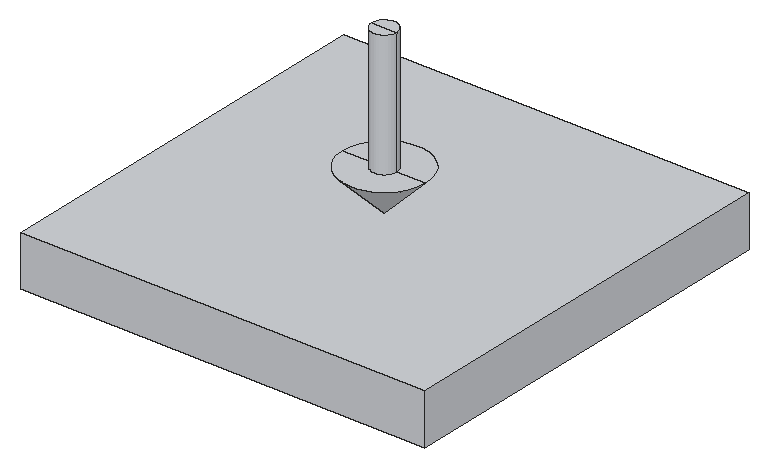
Revit family "NLRS_00_GM_UN_controle object_generiek_ISR", category Generic Models, host Face, Revit 2017
Family settings
  Host = Face
  Can host rebar = No
  Round Connector Dimension = Use Diameter
  Part Type = Normal
  Cut with Voids When Loaded = No
  Shared = No
  Room Calculation Point = No
Parameters (values of type "pijl_gen")
  vraagteken = no
  uitroepteken = no
  pijl = yes
  materiaal [instance] = none
  controle_opmerking [instance] = ""
  controle_door [instance] = ""
  controle_datum [instance] = ""
  berekende_zichtbaarheid_vraagteken [instance] = and(vraagteken, not(afgehandeld))  # no
  berekende_zichtbaarheid_uitroepteken [instance] = and(uitroepteken, not(afgehandeld))  # no
  berekende_zichtbaarheid_pijl [instance] = and(pijl, not(afgehandeld))  # yes
  bedoeld_voor [instance] = ""
  afgehandeld_door [instance] = ""
  afgehandeld [instance] = no
  SmartRevit_Versie = "2017.1"
  Model = "LOD200"
  Description = "pijl"
  Default Elevation = 0 mm
  Datum_Gewijzigd = "20160502"
  Assembly Code = ""
Types (3, lengths in mm): name | vraagteken | uitroepteken | pijl | berekende_zichtbaarheid_vraagteken | berekende_zichtbaarheid_uitroepteken | berekende_zichtbaarheid_pijl | Description
  pijl_gen | no | no | yes | no | no | yes | "pijl"
  vraagteken_gen | yes | no | no | yes | no | no | "vraagteken"
  uitroepteken_gen | no | yes | no | no | yes | no | "uitroepteken"
Reference planes
  plane 1 "Center (Front/Back)": y = 0
  plane 2: z = 0
  plane 3 "Center (Left/Right)": x = 0
  plane 4: z = 1000
Forms (mm)
  Extrusion 1, solid
    sketch origin (0, 0, 0) x (1, 0, 0) y (0, 1, 0)
      loop
        line (-1219.2, 1219.2) -> (-1219.2, -1219.2) -> (1219.2, -1219.2) -> (1219.2, 1219.2) -> (-1219.2, 1219.2)
    from 0 to -304.8
  Extrusion 2, solid, material <- "materiaal", visible <- "berekende_zichtbaarheid_vraagteken"
    sketch origin (0, 125, 0) x (1, 0, 0) y (0, 0, 1)
      loop
        arc (75, 379.151) -> (244.65, 883.396) -> (-283.776, 821.674) r 314.955
        line (-283.776, 821.674) -> (-148.625, 756.604)
        arc (-148.625, 756.604) -> (106.554, 810.967) -> (95.165, 550.31) r 164.955
        line (95.165, 550.31) -> (-75, 470.961) -> (-75, 180) -> (75, 180) -> (75, 379.151)
      loop
        circle (0, 74.983) r 74.983
    from 0 to 250
  Extrusion 3, solid, material <- "materiaal", visible <- "berekende_zichtbaarheid_uitroepteken"
    sketch origin (0, 125, 0) x (1, 0, 0) y (0, 0, 1)
      loop
        line (75, 180) -> (219.588, 1000) -> (-219.588, 1000) -> (-75, 180) -> (75, 180)
      loop
        circle (0, 74.983) r 74.983
    from 0 to 250
  Revolve 4, solid, material <- "materiaal", visible <- "berekende_zichtbaarheid_pijl"
    sketch origin (0, 0, 0) x (1, 0, 0) y (0, 0, 1)
      loop
        line (0, 1000) -> (0, 0) -> (250, 250) -> (75, 250) -> (75, 1000) -> (0, 1000)
      axis (0, 1000) -> (0, 0)
    angle from 0 to 360
Lines and regions (mm)
  symbolic lines
    curve 1: arc (0, 250, 0) -> (-47.127, 267.272, 0) -> (-85.505, 234.923, 0) r 50
    curve 2: arc (-85.505, 234.923, 0) -> (-135.697, 235.035, 0) -> (-160.697, 191.511, 0) r 50
    curve 3: arc (-160.697, 191.511, 0) -> (-207.9, 174.449, 0) -> (-216.506, 125, 0) r 50
    curve 4: arc (-216.506, 125, 0) -> (-255.028, 92.822, 0) -> (-246.202, 43.412, 0) r 50
    curve 5: arc (-246.202, 43.412, 0) -> (-271.395, 0, 0) -> (-246.202, -43.412, 0) r 50
    curve 6: arc (-246.202, -43.412, 0) -> (-255.028, -92.822, 0) -> (-216.506, -125, 0) r 50
    curve 7: arc (-216.506, -125, 0) -> (-207.9, -174.449, 0) -> (-160.697, -191.511, 0) r 50
    curve 8: arc (-160.697, -191.511, 0) -> (-135.697, -235.035, 0) -> (-85.505, -234.923, 0) r 50
    curve 9: arc (-85.505, -234.923, 0) -> (-47.127, -267.272, 0) -> (0, -250, 0) r 50
    curve 10: arc (0, -250, 0) -> (47.127, -267.272, 0) -> (85.505, -234.923, 0) r 50
    curve 11: arc (85.505, -234.923, 0) -> (135.697, -235.035, 0) -> (160.697, -191.511, 0) r 50
    curve 12: arc (160.697, -191.511, 0) -> (207.9, -174.449, 0) -> (216.506, -125, 0) r 50
    curve 13: arc (216.506, -125, 0) -> (255.028, -92.822, 0) -> (246.202, -43.412, 0) r 50
    curve 14: arc (246.202, -43.412, 0) -> (271.395, 0, 0) -> (246.202, 43.412, 0) r 50
    curve 15: arc (246.202, 43.412, 0) -> (255.028, 92.822, 0) -> (216.506, 125, 0) r 50
    curve 16: arc (216.506, 125, 0) -> (207.9, 174.449, 0) -> (160.697, 191.511, 0) r 50
    curve 17: arc (160.697, 191.511, 0) -> (135.697, 235.035, 0) -> (85.505, 234.923, 0) r 50
    curve 18: arc (85.505, 234.923, 0) -> (47.127, 267.272, 0) -> (0, 250, 0) r 50
Dimensions and locks
  aligned and locked: plane 2 to Extrusion 1
  aligned and locked: level to Extrusion 1
